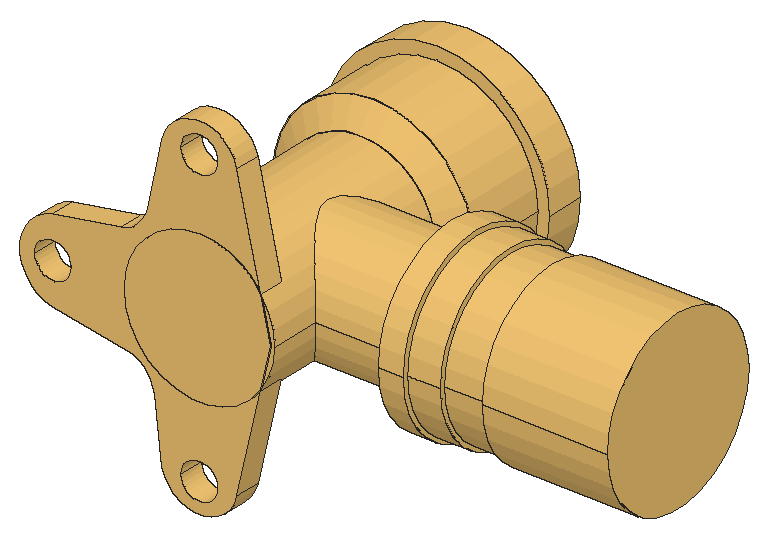
Revit family "VTm.454.BG", category Соединительные детали трубопроводов, Revit 2019
Family settings
  Размер круглого соединителя = Использовать диаметр
  Тип детали = Отвод
  На основе рабочей плоскости = Нет
  Всегда вертикально = Да
  При загрузке вырезать с полостями = Нет
  Общий = Нет
Parameters
  Таблица = "VTm.454.BG"  # constant formula
  Изготовитель = "VALTEC"  # constant formula
  msg [instance] = size_lookup(Таблица, "msg", 0 mm, Du1, Du2)  # 25 mm
  msf [instance] = size_lookup(Таблица, "msf", 0 mm, Du1, Du2)  # 91 mm
  h [instance] = size_lookup(Таблица, "h", 0 mm, Du1, Du2)  # 40 mm
  g2 [instance] = dn - 1 mm  # 20 mm
  g1 [instance] = dn + 1 mm  # 22 mm
  dn [instance] = size_lookup(Таблица, "dn", 0 mm, Du1, Du2)  # 21 mm
  d [instance] = size_lookup(Таблица, "d", 0 mm, Du1, Du2)  # 16 mm
  b [instance] = size_lookup(Таблица, "b", 0 mm, Du1, Du2)  # 14 mm
  a [instance] = size_lookup(Таблица, "a", 0 mm, Du1, Du2)  # 3 mm
  L2 [instance] = size_lookup(Таблица, "L2", 0 mm, Du1, Du2)  # 24 mm
  L1 [instance] = size_lookup(Таблица, "L1", 0 mm, Du1, Du2)  # 19 mm
  Du2 [instance] = 15 mm  # constant formula
  Du1 [instance] = 16 mm
  ADSK_Позиция [instance] = ""
  ADSK_Обозначение [instance] = "VTm.454.BG"  # constant formula
  ADSK_Наименование [instance] = size_lookup(Таблица, "", "Данный типоразмер отсутствует", Du1, Du2)  # "Фитинг аксиальный универсальный – водорозетка надвижная 16 (2,2) мм х 1/2\""
  ADSK_Материал [instance] = Латунь -CW614N
  ADSK_Масса_фитинга [instance] = msf / 1000 mm  # 0.091
  ADSK_Масса_гильзы [instance] = msg / 1000 mm  # 0.025
  ADSK_Код изделия - фитинг [instance] = size_lookup(Таблица, "Код продукта", "Данный типоразмер отсутствует", Du1, Du2)  # "VTm.454.BG.001604"
  ADSK_Код изделия - гильза [instance] = size_lookup(Таблица, "Код гильза", "Данный типоразмер отсутствует", Du1, Du2)  # "VTm.400.BG.001622"
  ADSK_Завод-изготовитель [instance] = Изготовитель  # "VALTEC"
  ADSK_Единица измерения [instance] = "шт."  # constant formula
  ADSK_URL страницы изделия [instance] = ""
  ADSK_URL документации изделия [instance] = ""
Reference planes
  plane 1 "По центру (Вперед/Назад)": y = 0
  plane 2: z = 0
  plane 3 "По центру (Влево/Вправо)": x = 0
  plane 4: through (8.54, -1524, 0) normal (-0.9744, 0, -0.225)
  plane 5: through (-6.647, -1524, 0) normal (-0.9925, 0, 0.1219)
  plane 6: z = 17.5
  plane 7: z = -17.5
  plane 8: through (8.541, -1524, 0.005) normal (0.9744, 0, -0.225)
  plane 9: through (-6.649, -1524, 0) normal (0.9925, 0, 0.1219)
  plane 10: x = -17.5
  plane 11: through (-17.5, -1524, 5) normal (-0.1736, 0, 0.9848)
  plane 12: through (-17.5, -1524, -5) normal (0.1736, 0, 0.9848)
  plane 13: y = -14
  plane 14: y = 26
  plane 15: y = -11
  plane 16: y = 10
  plane 17: y = 12
  plane 18: y = 21.5
  plane 19: x = 19
  plane 20: x = 22
  plane 21: x = 26
  plane 22: x = 31
  plane 23: x = 46
Forms (mm)
  Extrusion 1, solid, material "Латунь -CW614N" <- "ADSK_Материал", detail levels fine
    sketch origin (0, 0, 0) x (1, 0, 0) y (0, 0, 1)
      loop
        arc (-17.5, 5) -> (-21.461, 0) -> (-17.5, -5) r 5.136
        line (-17.5, -5) -> (-8.617, -6.561)
        arc (-8.617, -6.561) -> (-6.417, -7.769) -> (-5.412, -10.07) r 3.892
        line (-5.412, -10.07) -> (-4.5, -17.5)
        arc (-4.5, -17.5) -> (0, -21.055) -> (4.5, -17.5) r 4.625
        line (4.5, -17.5) -> (8.54, 0) -> (4.5, 17.5)
        arc (4.5, 17.5) -> (0.001, 21.079) -> (-4.498, 17.5) r 4.617
        line (-4.498, 17.5) -> (-6.243, 9.489)
        arc (-6.243, 9.489) -> (-7.382, 7.461) -> (-9.462, 6.417) r 3.974
        line (-9.462, 6.417) -> (-17.5, 5)
    from 11 to 14
  Extrusion 2, void, detail levels fine
    sketch origin (0, 0, 0) x (1, 0, 0) y (0, 0, 1)
      loop
        circle (0, 17.5) r 2.2
      loop
        circle (0, -17.5) r 2.2
      loop
        circle (-17.5, 0) r 2.2
    from 8.398 to 23.615
  Extrusion 3, solid, material "Латунь -CW614N" <- "ADSK_Материал", detail levels fine
    sketch origin (0, 0, 0) x (1, 0, 0) y (0, 0, 1)
      loop
        circle (0, 0) r 9
    from -10 to 14
  Extrusion 4, solid, material "Латунь -CW614N" <- "ADSK_Материал", detail levels fine
    sketch origin (0, 0, 0) x (1, 0, 0) y (0, 0, 1)
      loop
        circle (0, 0) r 12
    from -21.5 to -12
  Extrusion 5, solid, material "Латунь -CW614N" <- "ADSK_Материал", detail levels fine
    sketch origin (0, 0, 0) x (1, 0, 0) y (0, 0, 1)
      loop
        circle (0, 0) r 13.5
    from -26 to -21.5
  Blend 6, solid, material "Латунь -CW614N" <- "ADSK_Материал", detail levels fine
    base sketch origin (0, 0, 0) x (1, 0, 0) y (0, 0, 1)
      loop
        circle (0, 0) r 12
    top sketch origin (0, 0, 0) x (1, 0, 0) y (0, 0, 1)
      loop
        circle (0, 0) r 9
    from -12 to -10
  Extrusion 7, solid, material "Латунь -CW614N" <- "ADSK_Материал", detail levels fine
    sketch origin (0, 0, 0) x (0, 1, 0) y (0, 0, 1)
      loop
        circle (0, 0) r 8
    from 0 to 19
  Extrusion 8, solid, material "Латунь -CW614N" <- "ADSK_Материал", detail levels fine
    sketch origin (0, 0, 0) x (0, 1, 0) y (0, 0, 1)
      loop
        circle (0, 0) r 11
    from 19 to 22
  Extrusion 9, solid, material "Латунь -CW614N" <- "ADSK_Материал", detail levels fine
    sketch origin (0, 0, 0) x (0, 1, 0) y (0, 0, 1)
      loop
        circle (0, 0) r 10.5
    from 22 to 26
  Extrusion 10, solid, material "Латунь -CW614N" <- "ADSK_Материал", detail levels fine
    sketch origin (0, 0, 0) x (0, 1, 0) y (0, 0, 1)
      loop
        circle (0, 0) r 10
    from 26 to 31
  Extrusion 11, solid, material "Латунь -CW614N" <- "ADSK_Материал", detail levels fine
    sketch origin (0, 0, 0) x (0, 1, 0) y (0, 0, 1)
      loop
        circle (0, 0) r 10.5
    from 31 to 46
Cuts and joins
  Extrusion 2 cuts Extrusion 1
Lines and regions (mm)
  reference lines
    curve 1: line (-17.5, 0, 0) -> (-17.5, 0, 5)
    curve 2: line (-17.5, 0, 0) -> (-17.5, 0, -5)
Dimensions and locks
  locked: plane 6 to level at 17.5
  locked: level to plane 7 at 17.5
  locked: plane 3 "По центру (Влево/Вправо)" to plane 10 at 17.5
  "h": plane 14 to plane 13
  locked: plane 13 to plane 15 at 3
  locked: plane 14 to plane 18 at 4.5
  "b": plane 14 to plane 17
  locked: plane 17 to plane 16 at 2
  locked: plane 14 to plane 1 "По центру (Вперед/Назад)" at 26
  "L1": plane 3 "По центру (Влево/Вправо)" to plane 19
  "a": plane 19 to plane 20
  "L2": plane 20 to plane 23
  locked: plane 20 to plane 21 at 4
  locked: plane 21 to plane 22 at 5
  diameter of Extrusion 2 sketch curve = 4.4 mm  (x3)
  radius of cut or joined group of Extrusion 1, Extrusion 2 = 4.625 mm
  radius of cut or joined group of Extrusion 1, Extrusion 2 = 5.136 mm
  diameter of Extrusion 3 sketch curve = 18 mm
  diameter of Extrusion 4 sketch curve = 24 mm
  diameter of Extrusion 5 sketch curve = 27 mm
  diameter of Blend 6 sketch curve = 18 mm
  diameter of Blend 6 sketch curve = 24 mm
  "d": diameter of Extrusion 7 sketch curve
  "g1": diameter of Extrusion 8 sketch curve
  "dn": diameter of Extrusion 9 sketch curve
  "g2": diameter of Extrusion 10 sketch curve
  "dn": diameter of Extrusion 11 sketch curve
  aligned and locked: level to plane 2
  aligned and locked: Extrusion 1 sketch curve to plane 11
  aligned and locked: Extrusion 1 sketch curve to plane 8
  aligned and locked: plane 4 to Extrusion 1 sketch curve
  aligned and locked: Extrusion 1 sketch curve to plane 9
  aligned and locked: Extrusion 1 sketch curve to plane 12
  aligned and locked: Extrusion 1 to plane 15
  aligned and locked: plane 3 "По центру (Влево/Вправо)" to Extrusion 2 sketch curve  (x2)
  aligned and locked: plane 6 to Extrusion 2 sketch curve
  aligned and locked: Extrusion 2 sketch curve to curve 1
  aligned and locked: level to Extrusion 2 sketch curve
  aligned and locked: plane 7 to Extrusion 2 sketch curve
  aligned and locked: Extrusion 1 to plane 13
  aligned and locked: plane 3 "По центру (Влево/Вправо)" to Extrusion 3 sketch curve
  aligned and locked: level to Extrusion 3 sketch curve
  aligned and locked: plane 16 to Extrusion 3
  aligned and locked: Extrusion 3 to plane 13
  aligned and locked: plane 3 "По центру (Влево/Вправо)" to Extrusion 4 sketch curve
  aligned and locked: level to Extrusion 4 sketch curve
  aligned and locked: plane 18 to Extrusion 4
  aligned and locked: Extrusion 4 to plane 17
  aligned and locked: plane 3 "По центру (Влево/Вправо)" to Extrusion 5 sketch curve
  aligned and locked: level to Extrusion 5 sketch curve
  aligned and locked: Extrusion 5 to plane 14
  aligned and locked: Extrusion 5 to plane 18
  aligned and locked: plane 3 "По центру (Влево/Вправо)" to Blend 6 sketch curve  (x2)
  aligned and locked: level to Blend 6 sketch curve  (x2)
  aligned and locked: Blend 6 to plane 17
  aligned and locked: Blend 6 to plane 16
  aligned and locked: plane 1 "По центру (Вперед/Назад)" to Extrusion 7 sketch curve
  aligned and locked: level to Extrusion 7 sketch curve
  aligned and locked: Extrusion 7 to plane 3 "По центру (Влево/Вправо)"
  aligned and locked: plane 19 to Extrusion 7
  aligned and locked: Extrusion 8 sketch curve to curve 1
  aligned and locked: level to Extrusion 8 sketch curve
  aligned and locked: Extrusion 8 to plane 19
  aligned and locked: plane 20 to Extrusion 8
  aligned and locked: plane 1 "По центру (Вперед/Назад)" to Extrusion 9 sketch curve
  aligned and locked: level to Extrusion 9 sketch curve
  aligned and locked: Extrusion 9 to plane 20
  aligned and locked: plane 21 to Extrusion 9
  aligned and locked: plane 1 "По центру (Вперед/Назад)" to Extrusion 10 sketch curve
  aligned and locked: level to Extrusion 10 sketch curve
  aligned and locked: Extrusion 10 to plane 21
  aligned and locked: plane 22 to Extrusion 10
  aligned and locked: plane 1 "По центру (Вперед/Назад)" to Extrusion 11 sketch curve
  aligned and locked: level to Extrusion 11 sketch curve
  aligned and locked: Extrusion 11 to plane 22
  aligned and locked: plane 23 to Extrusion 11
  aligned and locked: plane 3 "По центру (Влево/Вправо)" to nested 1
  aligned and locked: plane 1 "По центру (Вперед/Назад)" to nested 1
Automatic sketch dimensions
  curve 1 to plane 10 = 0 mm
  curve 2 to plane 12 = 0 mm
  curve 2 to level = 0 mm
  plane 11 to curve 1 = 0 mm
  Extrusion 1 sketch curve to plane 10 = 0 mm  (x2)
  Extrusion 1 sketch curve to level = 0 mm
  Extrusion 1 sketch curve to plane 7 = 0 mm
  plane 5 to Extrusion 1 sketch curve = 0 mm
  Extrusion 1 sketch curve to plane 6 = 0 mm  (x2)
  Extrusion 1 sketch curve to plane 3 "По центру (Влево/Вправо)" = 0 mm
  plane 10 to Extrusion 1 sketch curve = 1.175 mm
  plane 10 to Extrusion 1 sketch curve = 7.374 mm
  level to Extrusion 1 sketch curve = 6.417 mm
  plane 10 to Extrusion 1 sketch curve = 8.209 mm
  Extrusion 1 sketch curve to level = 6.561 mm
  Extrusion 1 sketch curve to Extrusion 1 sketch curve = 0.674 mm
  Extrusion 1 sketch curve to Extrusion 1 sketch curve = 3.883 mm
  plane 7 to Extrusion 1 sketch curve = 1.07 mm
Nested families
  nested 1: "условный вид_5" at (0, 0, 0), type "условный вид_5", detail levels coarse+medium
Connectors
  piping at (22, 0, 0), diameter 16, driven by "Du1"
    settings: on Extrusion 8, index 1, connector inside diameter 609.6 mm, connector length 0 mm, flow factor 0, pipe flow 0.0 L/s, pressure drop 0.0 Pa, fitting loss kfactor 0, connector angle 0.00°, fixture units 0, engagement length 0 mm, angle of deflection 0.00°, flow configuration 0, flow direction 0, fitting loss method 0, system type 28, joint type 0, gender type 0, connector reference index -1, connector utility 0, adjustable connector no, is connector primary yes, connector description ""
  piping at (0, 12, 0), diameter 15, driven by "Du2"
    settings: on Extrusion 4, index 2, connector inside diameter 609.6 mm, connector length 0 mm, flow factor 0, pipe flow 0.0 L/s, pressure drop 0.0 Pa, fitting loss kfactor 0, connector angle 0.00°, fixture units 0, engagement length 0 mm, angle of deflection 0.00°, flow configuration 0, flow direction 0, fitting loss method 0, system type 28, joint type 0, gender type 0, connector reference index -1, connector utility 0, adjustable connector no, is connector primary no, connector description ""
Definition of nested family "условный вид_5"
  Reference planes
    plane 1: y = 0
    plane 2: x = 0
  Lines and regions (mm)
    Filled region 1, type "Цветовая область 1"
      outline origin (0, 0, 0) x (1, 0, 0) y (0, 1, 0)
        loop
          line (0, 35) -> (-10, 10) -> (10, 10) -> (0, 35)
    detail lines
      curve 1: line (0, 0, 0) -> (25, 0, 0)
      curve 2: line (0, 0, 0) -> (0, 10, 0)
      curve 3: line (-10, 10, 0) -> (10, 10, 0)
      curve 4: line (0, 35, 0) -> (10, 10, 0)
      curve 5: line (0, 35, 0) -> (-10, 10, 0)
  Dimensions and locks
    aligned and locked: Filled region 1 sketch curve to curve 4
    aligned and locked: Filled region 1 sketch curve to curve 5
    aligned and locked: Filled region 1 sketch curve to curve 3
